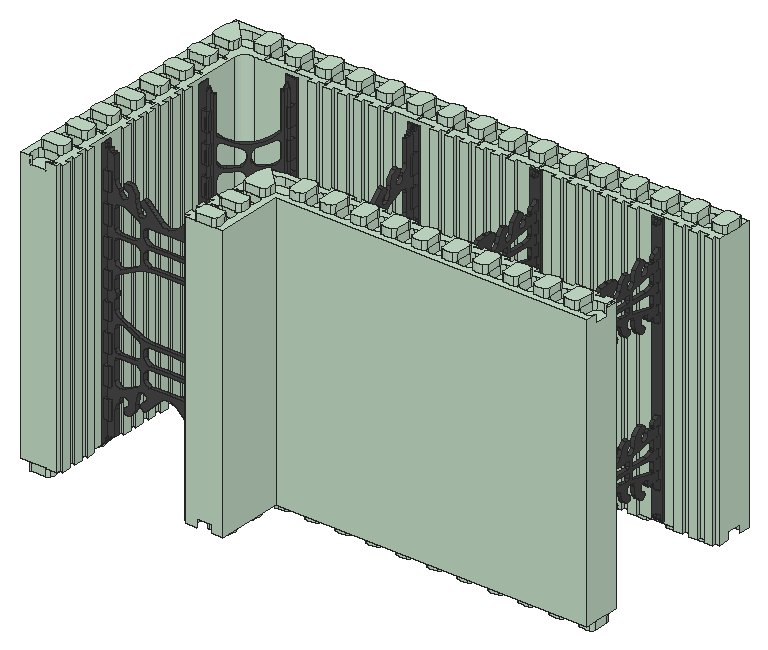
Revit family (continued)
Forms (mm)
  Extrusion 54, void
    sketch origin (330.181, 25.38, 0) x (-1, 0, 0) y (0, -1, 0)
      loop
        arc (-48.685, -95.62) -> (-48.795, -96.199) -> (-49.108, -96.698) r 1.588
        arc (-49.108, -96.698) -> (-50.362, -98.696) -> (-50.8, -101.014) r 6.35
        line (-50.8, -101.014) -> (-50.8, -124.411)
        arc (-50.8, -124.411) -> (-49.585, -128.147) -> (-46.404, -130.453) r 6.35
    from 0 to 12.7
  Extrusion 55, void
    sketch origin (380.981, 25.38, 0) x (-1, 0, 0) y (0, -1, 0)
      loop
        arc (-46.404, -130.453) -> (-38.1, -131.762) -> (-29.796, -130.453) r 26.987
        arc (-29.796, -130.453) -> (-26.615, -128.147) -> (-25.4, -124.411) r 6.35
        line (-25.4, -124.411) -> (-25.4, -101.014)
        arc (-25.4, -101.014) -> (-26.615, -97.278) -> (-29.796, -94.972) r 6.35
        arc (-29.796, -94.972) -> (-36.091, -93.737) -> (-42.5, -94.024) r 26.987
        arc (-42.5, -94.024) -> (-43.786, -93.668) -> (-44.346, -92.457) r 1.588
        line (-44.346, -92.457) -> (-44.346, -86.829) -> (-48.685, -86.829) -> (-48.685, -95.62)
        arc (-48.685, -95.62) -> (-48.795, -96.199) -> (-49.108, -96.698) r 1.588
        arc (-49.108, -96.698) -> (-50.362, -98.696) -> (-50.8, -101.014) r 6.35
        line (-50.8, -101.014) -> (-50.8, -124.411)
        arc (-50.8, -124.411) -> (-49.585, -128.147) -> (-46.404, -130.453) r 6.35
    from 0 to 12.7
  Extrusion 56, void
    sketch origin (431.781, 25.38, 0) x (-1, 0, 0) y (0, -1, 0)
      loop
        arc (-46.404, -130.453) -> (-38.1, -131.762) -> (-29.796, -130.453) r 26.987
        arc (-29.796, -130.453) -> (-26.615, -128.147) -> (-25.4, -124.411) r 6.35
        line (-25.4, -124.411) -> (-25.4, -101.014)
        arc (-25.4, -101.014) -> (-26.615, -97.278) -> (-29.796, -94.972) r 6.35
        arc (-29.796, -94.972) -> (-36.091, -93.737) -> (-42.5, -94.024) r 26.987
        arc (-42.5, -94.024) -> (-43.786, -93.668) -> (-44.346, -92.457) r 1.588
        line (-44.346, -92.457) -> (-44.346, -86.829) -> (-48.685, -86.829) -> (-48.685, -95.62)
        arc (-48.685, -95.62) -> (-48.795, -96.199) -> (-49.108, -96.698) r 1.588
        arc (-49.108, -96.698) -> (-50.362, -98.696) -> (-50.8, -101.014) r 6.35
        line (-50.8, -101.014) -> (-50.8, -124.411)
        arc (-50.8, -124.411) -> (-49.585, -128.147) -> (-46.404, -130.453) r 6.35
    from 0 to 12.7
  Extrusion 57, void
    sketch origin (482.581, 25.38, 0) x (-1, 0, 0) y (0, -1, 0)
      loop
        arc (-46.404, -130.453) -> (-38.1, -131.762) -> (-29.796, -130.453) r 26.987
        arc (-29.796, -130.453) -> (-26.615, -128.147) -> (-25.4, -124.411) r 6.35
        line (-25.4, -124.411) -> (-25.4, -101.014)
        arc (-25.4, -101.014) -> (-26.615, -97.278) -> (-29.796, -94.972) r 6.35
        arc (-29.796, -94.972) -> (-36.091, -93.737) -> (-42.5, -94.024) r 26.987
        arc (-42.5, -94.024) -> (-43.786, -93.668) -> (-44.346, -92.457) r 1.588
        line (-44.346, -92.457) -> (-44.346, -86.829) -> (-48.685, -86.829) -> (-48.685, -95.62)
        arc (-48.685, -95.62) -> (-48.795, -96.199) -> (-49.108, -96.698) r 1.588
        arc (-49.108, -96.698) -> (-50.362, -98.696) -> (-50.8, -101.014) r 6.35
        line (-50.8, -101.014) -> (-50.8, -124.411)
        arc (-50.8, -124.411) -> (-49.585, -128.147) -> (-46.404, -130.453) r 6.35
    from 0 to 12.7
  Extrusion 58, void
    sketch origin (533.381, 25.38, 0) x (-1, 0, 0) y (0, -1, 0)
      loop
        arc (-46.404, -130.453) -> (-38.1, -131.762) -> (-29.796, -130.453) r 26.987
        arc (-29.796, -130.453) -> (-26.615, -128.147) -> (-25.4, -124.411) r 6.35
        line (-25.4, -124.411) -> (-25.4, -101.014)
        arc (-25.4, -101.014) -> (-26.615, -97.278) -> (-29.796, -94.972) r 6.35
        arc (-29.796, -94.972) -> (-36.091, -93.737) -> (-42.5, -94.024) r 26.987
        arc (-42.5, -94.024) -> (-43.786, -93.668) -> (-44.346, -92.457) r 1.588
        line (-44.346, -92.457) -> (-44.346, -86.829) -> (-48.685, -86.829) -> (-48.685, -95.62)
        arc (-48.685, -95.62) -> (-48.795, -96.199) -> (-49.108, -96.698) r 1.588
        arc (-49.108, -96.698) -> (-50.362, -98.696) -> (-50.8, -101.014) r 6.35
        line (-50.8, -101.014) -> (-50.8, -124.411)
        arc (-50.8, -124.411) -> (-49.585, -128.147) -> (-46.404, -130.453) r 6.35
    from 0 to 12.7
  Extrusion 59, void
    sketch origin (584.181, 25.38, 0) x (-1, 0, 0) y (0, -1, 0)
      loop
        arc (-46.404, -130.453) -> (-38.1, -131.762) -> (-29.796, -130.453) r 26.987
        arc (-29.796, -130.453) -> (-26.615, -128.147) -> (-25.4, -124.411) r 6.35
        line (-25.4, -124.411) -> (-25.4, -101.014)
        arc (-25.4, -101.014) -> (-26.615, -97.278) -> (-29.796, -94.972) r 6.35
        arc (-29.796, -94.972) -> (-36.091, -93.737) -> (-42.5, -94.024) r 26.987
        arc (-42.5, -94.024) -> (-43.786, -93.668) -> (-44.346, -92.457) r 1.588
        line (-44.346, -92.457) -> (-44.346, -86.829) -> (-48.685, -86.829) -> (-48.685, -95.62)
        arc (-48.685, -95.62) -> (-48.795, -96.199) -> (-49.108, -96.698) r 1.588
        arc (-49.108, -96.698) -> (-50.362, -98.696) -> (-50.8, -101.014) r 6.35
        line (-50.8, -101.014) -> (-50.8, -124.411)
        arc (-50.8, -124.411) -> (-49.585, -128.147) -> (-46.404, -130.453) r 6.35
    from 0 to 12.7
  Extrusion 60, void
    sketch origin (25.381, -482.62, 0) x (1, 0, 0) y (0, 1, 0)
      loop
        arc (101.014, 228.6) -> (97.278, 227.385) -> (94.972, 224.204) r 6.35
        arc (94.972, 224.204) -> (93.737, 217.909) -> (94.024, 211.5) r 26.987
        arc (94.024, 211.5) -> (93.668, 210.214) -> (92.457, 209.654) r 1.587
        line (92.457, 209.654) -> (86.829, 209.654) -> (86.829, 205.315) -> (95.62, 205.315)
        arc (95.62, 205.315) -> (96.199, 205.205) -> (96.698, 204.892) r 1.587
        arc (96.698, 204.892) -> (98.696, 203.638) -> (101.014, 203.2) r 6.35
        line (101.014, 203.2) -> (124.411, 203.2)
        arc (124.411, 203.2) -> (128.147, 204.415) -> (130.453, 207.596) r 6.35
        arc (130.453, 207.596) -> (131.763, 215.9) -> (130.453, 224.204) r 26.988
        arc (130.453, 224.204) -> (128.147, 227.385) -> (124.411, 228.6) r 6.35
        line (124.411, 228.6) -> (101.014, 228.6)
    from 0 to 12.7
  Extrusion 61, void
    sketch origin (25.381, -431.82, 0) x (1, 0, 0) y (0, 1, 0)
      loop
        arc (101.014, 228.6) -> (97.278, 227.385) -> (94.972, 224.204) r 6.35
        arc (94.972, 224.204) -> (93.737, 217.909) -> (94.024, 211.5) r 26.987
        arc (94.024, 211.5) -> (93.668, 210.214) -> (92.457, 209.654) r 1.587
        line (92.457, 209.654) -> (86.829, 209.654) -> (86.829, 205.315) -> (95.62, 205.315)
        arc (95.62, 205.315) -> (96.199, 205.205) -> (96.698, 204.892) r 1.587
        arc (96.698, 204.892) -> (98.696, 203.638) -> (101.014, 203.2) r 6.35
        line (101.014, 203.2) -> (124.411, 203.2)
        arc (124.411, 203.2) -> (128.147, 204.415) -> (130.453, 207.596) r 6.35
        arc (130.453, 207.596) -> (131.763, 215.9) -> (130.453, 224.204) r 26.988
        arc (130.453, 224.204) -> (128.147, 227.385) -> (124.411, 228.6) r 6.35
        line (124.411, 228.6) -> (101.014, 228.6)
    from 0 to 12.7
  Extrusion 62, void
    sketch origin (25.381, -25.42, 0) x (0, -1, 0) y (1, 0, 0)
      loop
        line (119.063, 93.663) -> (139.7, 93.663)
        arc (139.7, 93.663) -> (141.907, 93.753) -> (144.1, 94.024) r 26.987
        arc (144.1, 94.024) -> (145.386, 93.668) -> (145.946, 92.457) r 1.587
        line (145.946, 92.457) -> (145.946, 86.829) -> (150.285, 86.829) -> (150.285, 95.62)
        arc (150.285, 95.62) -> (150.395, 96.199) -> (150.708, 96.698) r 1.588
        arc (150.708, 96.698) -> (151.962, 98.696) -> (152.4, 101.014) r 6.35
        line (152.4, 101.014) -> (152.4, 124.411)
        arc (152.4, 124.411) -> (151.185, 128.147) -> (148.004, 130.453) r 6.35
        arc (148.004, 130.453) -> (143.903, 131.433) -> (139.7, 131.763) r 26.987
        line (139.7, 131.763) -> (131.763, 131.763) -> (101.102, 101.102)
        arc (101.102, 101.102) -> (109.342, 95.596) -> (119.063, 93.663) r 25.4
    from 0 to 12.7
  Extrusion 63, void
    sketch origin (380.981, -25.42, 0) x (-1, 0, 0) y (0, -1, 0)
      loop
        arc (177.8, 101.014) -> (179.015, 97.278) -> (182.196, 94.972) r 6.35
        arc (182.196, 94.972) -> (188.491, 93.737) -> (194.9, 94.024) r 26.988
        arc (194.9, 94.024) -> (196.186, 93.668) -> (196.746, 92.457) r 1.587
        line (196.746, 92.457) -> (196.746, 86.829) -> (201.085, 86.829) -> (201.085, 95.62)
        arc (201.085, 95.62) -> (201.195, 96.199) -> (201.508, 96.698) r 1.588
        arc (201.508, 96.698) -> (202.762, 98.696) -> (203.2, 101.014) r 6.35
        line (203.2, 101.014) -> (203.2, 124.411)
        arc (203.2, 124.411) -> (201.985, 128.147) -> (198.804, 130.453) r 6.35
        arc (198.804, 130.453) -> (190.5, 131.763) -> (182.196, 130.453) r 26.987
        arc (182.196, 130.453) -> (179.015, 128.147) -> (177.8, 124.411) r 6.35
        line (177.8, 124.411) -> (177.8, 101.014)
    from 0 to 12.7
  Extrusion 64, void
    sketch origin (431.781, -25.42, 0) x (-1, 0, 0) y (0, -1, 0)
      loop
        arc (177.8, 101.014) -> (179.015, 97.278) -> (182.196, 94.972) r 6.35
        arc (182.196, 94.972) -> (188.491, 93.737) -> (194.9, 94.024) r 26.988
        arc (194.9, 94.024) -> (196.186, 93.668) -> (196.746, 92.457) r 1.587
        line (196.746, 92.457) -> (196.746, 86.829) -> (201.085, 86.829) -> (201.085, 95.62)
        arc (201.085, 95.62) -> (201.195, 96.199) -> (201.508, 96.698) r 1.588
        arc (201.508, 96.698) -> (202.762, 98.696) -> (203.2, 101.014) r 6.35
        line (203.2, 101.014) -> (203.2, 124.411)
        arc (203.2, 124.411) -> (201.985, 128.147) -> (198.804, 130.453) r 6.35
        arc (198.804, 130.453) -> (190.5, 131.763) -> (182.196, 130.453) r 26.987
        arc (182.196, 130.453) -> (179.015, 128.147) -> (177.8, 124.411) r 6.35
        line (177.8, 124.411) -> (177.8, 101.014)
    from 0 to 12.7
  Extrusion 65, void
    sketch origin (482.581, -25.42, 0) x (-1, 0, 0) y (0, -1, 0)
      loop
        arc (177.8, 101.014) -> (179.015, 97.278) -> (182.196, 94.972) r 6.35
        arc (182.196, 94.972) -> (188.491, 93.737) -> (194.9, 94.024) r 26.988
        arc (194.9, 94.024) -> (196.186, 93.668) -> (196.746, 92.457) r 1.587
        line (196.746, 92.457) -> (196.746, 86.829) -> (201.085, 86.829) -> (201.085, 95.62)
        arc (201.085, 95.62) -> (201.195, 96.199) -> (201.508, 96.698) r 1.588
        arc (201.508, 96.698) -> (202.762, 98.696) -> (203.2, 101.014) r 6.35
        line (203.2, 101.014) -> (203.2, 124.411)
        arc (203.2, 124.411) -> (201.985, 128.147) -> (198.804, 130.453) r 6.35
        arc (198.804, 130.453) -> (190.5, 131.763) -> (182.196, 130.453) r 26.987
        arc (182.196, 130.453) -> (179.015, 128.147) -> (177.8, 124.411) r 6.35
        line (177.8, 124.411) -> (177.8, 101.014)
    from 0 to 12.7
  Extrusion 66, void
    sketch origin (533.381, -25.42, 0) x (-1, 0, 0) y (0, -1, 0)
      loop
        arc (177.8, 101.014) -> (179.015, 97.278) -> (182.196, 94.972) r 6.35
        arc (182.196, 94.972) -> (188.491, 93.737) -> (194.9, 94.024) r 26.988
        arc (194.9, 94.024) -> (196.186, 93.668) -> (196.746, 92.457) r 1.587
        line (196.746, 92.457) -> (196.746, 86.829) -> (201.085, 86.829) -> (201.085, 95.62)
        arc (201.085, 95.62) -> (201.195, 96.199) -> (201.508, 96.698) r 1.588
        arc (201.508, 96.698) -> (202.762, 98.696) -> (203.2, 101.014) r 6.35
        line (203.2, 101.014) -> (203.2, 124.411)
        arc (203.2, 124.411) -> (201.985, 128.147) -> (198.804, 130.453) r 6.35
        arc (198.804, 130.453) -> (190.5, 131.763) -> (182.196, 130.453) r 26.987
        arc (182.196, 130.453) -> (179.015, 128.147) -> (177.8, 124.411) r 6.35
        line (177.8, 124.411) -> (177.8, 101.014)
    from 0 to 12.7
  Extrusion 67, void
    sketch origin (584.181, -25.42, 0) x (-1, 0, 0) y (0, -1, 0)
      loop
        arc (177.8, 101.014) -> (179.015, 97.278) -> (182.196, 94.972) r 6.35
        arc (182.196, 94.972) -> (188.491, 93.737) -> (194.9, 94.024) r 26.988
        arc (194.9, 94.024) -> (196.186, 93.668) -> (196.746, 92.457) r 1.587
        line (196.746, 92.457) -> (196.746, 86.829) -> (201.085, 86.829) -> (201.085, 95.62)
        arc (201.085, 95.62) -> (201.195, 96.199) -> (201.508, 96.698) r 1.588
        arc (201.508, 96.698) -> (202.762, 98.696) -> (203.2, 101.014) r 6.35
        line (203.2, 101.014) -> (203.2, 124.411)
        arc (203.2, 124.411) -> (201.985, 128.147) -> (198.804, 130.453) r 6.35
        arc (198.804, 130.453) -> (190.5, 131.763) -> (182.196, 130.453) r 26.987
        arc (182.196, 130.453) -> (179.015, 128.147) -> (177.8, 124.411) r 6.35
        line (177.8, 124.411) -> (177.8, 101.014)
    from 0 to 12.7
  Extrusion 68, void
    sketch origin (634.981, -25.42, 0) x (-1, 0, 0) y (0, -1, 0)
      loop
        arc (177.8, 101.014) -> (179.015, 97.278) -> (182.196, 94.972) r 6.35
        arc (182.196, 94.972) -> (188.491, 93.737) -> (194.9, 94.024) r 26.988
        arc (194.9, 94.024) -> (196.186, 93.668) -> (196.746, 92.457) r 1.587
        line (196.746, 92.457) -> (196.746, 86.829) -> (201.085, 86.829) -> (201.085, 95.62)
        arc (201.085, 95.62) -> (201.195, 96.199) -> (201.508, 96.698) r 1.588
        arc (201.508, 96.698) -> (202.762, 98.696) -> (203.2, 101.014) r 6.35
        line (203.2, 101.014) -> (203.2, 124.411)
        arc (203.2, 124.411) -> (201.985, 128.147) -> (198.804, 130.453) r 6.35
        arc (198.804, 130.453) -> (190.5, 131.763) -> (182.196, 130.453) r 26.987
        arc (182.196, 130.453) -> (179.015, 128.147) -> (177.8, 124.411) r 6.35
        line (177.8, 124.411) -> (177.8, 101.014)
    from 0 to 12.7
  Extrusion 69, void
    sketch origin (685.781, -25.42, 0) x (-1, 0, 0) y (0, -1, 0)
      loop
        arc (177.8, 101.014) -> (179.015, 97.278) -> (182.196, 94.972) r 6.35
        arc (182.196, 94.972) -> (188.491, 93.737) -> (194.9, 94.024) r 26.988
        arc (194.9, 94.024) -> (196.186, 93.668) -> (196.746, 92.457) r 1.587
        line (196.746, 92.457) -> (196.746, 86.829) -> (201.085, 86.829) -> (201.085, 95.62)
        arc (201.085, 95.62) -> (201.195, 96.199) -> (201.508, 96.698) r 1.588
        arc (201.508, 96.698) -> (202.762, 98.696) -> (203.2, 101.014) r 6.35
        line (203.2, 101.014) -> (203.2, 124.411)
        arc (203.2, 124.411) -> (201.985, 128.147) -> (198.804, 130.453) r 6.35
        arc (198.804, 130.453) -> (190.5, 131.763) -> (182.196, 130.453) r 26.987
        arc (182.196, 130.453) -> (179.015, 128.147) -> (177.8, 124.411) r 6.35
        line (177.8, 124.411) -> (177.8, 101.014)
    from 0 to 12.7
  Extrusion 70, void
    sketch origin (736.581, -25.42, 0) x (-1, 0, 0) y (0, -1, 0)
      loop
        arc (177.8, 101.014) -> (179.015, 97.278) -> (182.196, 94.972) r 6.35
        arc (182.196, 94.972) -> (188.491, 93.737) -> (194.9, 94.024) r 26.988
        arc (194.9, 94.024) -> (196.186, 93.668) -> (196.746, 92.457) r 1.587
        line (196.746, 92.457) -> (196.746, 86.829) -> (201.085, 86.829) -> (201.085, 95.62)
        arc (201.085, 95.62) -> (201.195, 96.199) -> (201.508, 96.698) r 1.588
        arc (201.508, 96.698) -> (202.762, 98.696) -> (203.2, 101.014) r 6.35
        line (203.2, 101.014) -> (203.2, 124.411)
        arc (203.2, 124.411) -> (201.985, 128.147) -> (198.804, 130.453) r 6.35
        arc (198.804, 130.453) -> (190.5, 131.763) -> (182.196, 130.453) r 26.987
        arc (182.196, 130.453) -> (179.015, 128.147) -> (177.8, 124.411) r 6.35
        line (177.8, 124.411) -> (177.8, 101.014)
    from 0 to 12.7
  Extrusion 71, void
    sketch origin (787.381, -25.42, 0) x (-1, 0, 0) y (0, -1, 0)
      loop
        arc (177.8, 101.014) -> (179.015, 97.278) -> (182.196, 94.972) r 6.35
        arc (182.196, 94.972) -> (188.491, 93.737) -> (194.9, 94.024) r 26.988
        arc (194.9, 94.024) -> (196.186, 93.668) -> (196.746, 92.457) r 1.587
        line (196.746, 92.457) -> (196.746, 86.829) -> (201.085, 86.829) -> (201.085, 95.62)
        arc (201.085, 95.62) -> (201.195, 96.199) -> (201.508, 96.698) r 1.588
        arc (201.508, 96.698) -> (202.762, 98.696) -> (203.2, 101.014) r 6.35
        line (203.2, 101.014) -> (203.2, 124.411)
        arc (203.2, 124.411) -> (201.985, 128.147) -> (198.804, 130.453) r 6.35
        arc (198.804, 130.453) -> (190.5, 131.763) -> (182.196, 130.453) r 26.987
        arc (182.196, 130.453) -> (179.015, 128.147) -> (177.8, 124.411) r 6.35
        line (177.8, 124.411) -> (177.8, 101.014)
    from 0 to 12.7
  Extrusion 72, void
    sketch origin (838.181, -25.42, 0) x (-1, 0, 0) y (0, -1, 0)
      loop
        arc (177.8, 101.014) -> (179.015, 97.278) -> (182.196, 94.972) r 6.35
        arc (182.196, 94.972) -> (188.491, 93.737) -> (194.9, 94.024) r 26.988
        arc (194.9, 94.024) -> (196.186, 93.668) -> (196.746, 92.457) r 1.587
        line (196.746, 92.457) -> (196.746, 86.829) -> (201.085, 86.829) -> (201.085, 95.62)
        arc (201.085, 95.62) -> (201.195, 96.199) -> (201.508, 96.698) r 1.588
        arc (201.508, 96.698) -> (202.762, 98.696) -> (203.2, 101.014) r 6.35
        line (203.2, 101.014) -> (203.2, 124.411)
        arc (203.2, 124.411) -> (201.985, 128.147) -> (198.804, 130.453) r 6.35
        arc (198.804, 130.453) -> (190.5, 131.763) -> (182.196, 130.453) r 26.987
        arc (182.196, 130.453) -> (179.015, 128.147) -> (177.8, 124.411) r 6.35
        line (177.8, 124.411) -> (177.8, 101.014)
    from 0 to 12.7
  Extrusion 73, void
    sketch origin (-25.419, 25.38, 0) x (1, 0, 0) y (0, 1, 0)
      loop
        line (-93.662, 93.662) -> (-124.323, 124.323)
        arc (-124.323, 124.323) -> (-129.829, 116.083) -> (-131.762, 106.362) r 25.4
        line (-131.762, 106.362) -> (-131.762, 88.9)
        arc (-131.762, 88.9) -> (-131.433, 84.697) -> (-130.453, 80.596) r 26.988
        arc (-130.453, 80.596) -> (-128.147, 77.415) -> (-124.411, 76.2) r 6.35
        line (-124.411, 76.2) -> (-101.014, 76.2)
        arc (-101.014, 76.2) -> (-97.278, 77.415) -> (-94.972, 80.596) r 6.35
        arc (-94.972, 80.596) -> (-93.992, 84.697) -> (-93.662, 88.9) r 26.987
        line (-93.662, 88.9) -> (-93.662, 93.662)
    from 0 to 12.7
  Extrusion 74, solid, material "NUDURA Expanded Polystyrene Foam Insulation"
    sketch origin (25.381, -25.42, 0) x (1, 0, 0) y (0, 1, 0)
      loop
        line (131.763, -131.763) -> (139.7, -131.763)
        arc (139.7, -131.763) -> (143.903, -131.433) -> (148.004, -130.453) r 26.987
        arc (148.004, -130.453) -> (151.185, -128.147) -> (152.4, -124.411) r 6.35
        line (152.4, -124.411) -> (152.4, -101.014)
        arc (152.4, -101.014) -> (151.962, -98.696) -> (150.708, -96.698) r 6.35
        arc (150.708, -96.698) -> (149.467, -95.661) -> (148.004, -94.972) r 6.35
        arc (148.004, -94.972) -> (146.07, -94.425) -> (144.1, -94.024) r 26.987
        arc (144.1, -94.024) -> (141.907, -93.753) -> (139.7, -93.663) r 26.987
        line (139.7, -93.663) -> (119.063, -93.663)
        arc (119.063, -93.663) -> (109.342, -95.596) -> (101.102, -101.102) r 25.4
        line (101.102, -101.102) -> (131.763, -131.763)
    from 0 to -12.7
  Extrusion 75, solid, material "NUDURA Expanded Polystyrene Foam Insulation"
    sketch origin (-25.419, 25.38, 0) x (1, 0, 0) y (0, 1, 0)
      loop
        arc (-106.362, 131.762) -> (-116.083, 129.829) -> (-124.323, 124.323) r 25.4
        line (-124.323, 124.323) -> (-93.662, 93.662) -> (-88.9, 93.662)
        arc (-88.9, 93.662) -> (-84.697, 93.992) -> (-80.596, 94.972) r 26.988
        arc (-80.596, 94.972) -> (-77.415, 97.278) -> (-76.2, 101.014) r 6.35
        line (-76.2, 101.014) -> (-76.2, 124.411)
        arc (-76.2, 124.411) -> (-77.415, 128.147) -> (-80.596, 130.453) r 6.35
        arc (-80.596, 130.453) -> (-84.697, 131.433) -> (-88.9, 131.762) r 26.988
        line (-88.9, 131.762) -> (-106.362, 131.762)
    from 0 to -12.7
  Extrusion 76, void
    sketch origin (-25.419, -25.42, 0) x (1, 0, 0) y (0, 1, 0)
      loop
        arc (-130.453, -249.604) -> (-128.147, -252.785) -> (-124.411, -254) r 6.35
        line (-124.411, -254) -> (-101.014, -254)
        arc (-101.014, -254) -> (-98.696, -253.562) -> (-96.698, -252.308) r 6.35
        arc (-96.698, -252.308) -> (-96.199, -251.995) -> (-95.62, -251.885) r 1.588
        line (-95.62, -251.885) -> (-86.829, -251.885) -> (-86.829, -247.546) -> (-92.457, -247.546)
        arc (-92.457, -247.546) -> (-93.668, -246.986) -> (-94.024, -245.7) r 1.588
        arc (-94.024, -245.7) -> (-93.737, -239.291) -> (-94.972, -232.996) r 26.987
        arc (-94.972, -232.996) -> (-97.278, -229.815) -> (-101.014, -228.6) r 6.35
        line (-101.014, -228.6) -> (-124.411, -228.6)
        arc (-124.411, -228.6) -> (-128.147, -229.815) -> (-130.453, -232.996) r 6.35
        arc (-130.453, -232.996) -> (-131.762, -241.3) -> (-130.453, -249.604) r 26.987
    from 457.2 to 444.5
  Extrusion 77, void
    sketch origin (685.781, 25.38, 0) x (1, 0, 0) y (0, 1, 0)
      loop
        arc (-46.404, 130.453) -> (-49.585, 128.147) -> (-50.8, 124.411) r 6.35
        line (-50.8, 124.411) -> (-50.8, 101.014)
        arc (-50.8, 101.014) -> (-50.362, 98.696) -> (-49.108, 96.698) r 6.35
        arc (-49.108, 96.698) -> (-48.795, 96.199) -> (-48.685, 95.62) r 1.588
        line (-48.685, 95.62) -> (-48.685, 86.829) -> (-44.346, 86.829) -> (-44.346, 92.457)
        arc (-44.346, 92.457) -> (-43.786, 93.668) -> (-42.5, 94.024) r 1.588
        arc (-42.5, 94.024) -> (-36.091, 93.737) -> (-29.796, 94.972) r 26.987
        arc (-29.796, 94.972) -> (-26.615, 97.278) -> (-25.4, 101.014) r 6.35
        line (-25.4, 101.014) -> (-25.4, 124.411)
        arc (-25.4, 124.411) -> (-26.615, 128.147) -> (-29.796, 130.453) r 6.35
        arc (-29.796, 130.453) -> (-38.1, 131.762) -> (-46.404, 130.453) r 26.987
    from 457.2 to 444.5
  Extrusion 78, void
    sketch origin (634.981, 25.38, 0) x (-1, 0, 0) y (0, -1, 0)
      loop
        arc (-46.404, -130.453) -> (-38.1, -131.762) -> (-29.796, -130.453) r 26.987
        arc (-29.796, -130.453) -> (-26.615, -128.147) -> (-25.4, -124.411) r 6.35
        line (-25.4, -124.411) -> (-25.4, -101.014)
        arc (-25.4, -101.014) -> (-26.615, -97.278) -> (-29.796, -94.972) r 6.35
        arc (-29.796, -94.972) -> (-36.091, -93.737) -> (-42.5, -94.024) r 26.987
        arc (-42.5, -94.024) -> (-43.786, -93.668) -> (-44.346, -92.457) r 1.588
        line (-44.346, -92.457) -> (-44.346, -86.829) -> (-48.685, -86.829) -> (-48.685, -95.62)
        arc (-48.685, -95.62) -> (-48.795, -96.199) -> (-49.108, -96.698) r 1.588
        arc (-49.108, -96.698) -> (-50.362, -98.696) -> (-50.8, -101.014) r 6.35
        line (-50.8, -101.014) -> (-50.8, -124.411)
        arc (-50.8, -124.411) -> (-49.585, -128.147) -> (-46.404, -130.453) r 6.35
    from 0 to 12.7
  Extrusion 79, void
    sketch origin (-25.419, 61.141, 0) x (1, 0, 0) y (0, 1, 0)
      loop
        arc (-130.453, -294.157) -> (-131.762, -302.461) -> (-130.453, -310.765) r 26.987
        arc (-130.453, -310.765) -> (-128.147, -313.946) -> (-124.411, -315.161) r 6.35
        line (-124.411, -315.161) -> (-101.014, -315.161)
        arc (-101.014, -315.161) -> (-97.278, -313.946) -> (-94.972, -310.765) r 6.35
        arc (-94.972, -310.765) -> (-93.737, -304.47) -> (-94.024, -298.061) r 26.987
        arc (-94.024, -298.061) -> (-93.668, -296.775) -> (-92.457, -296.215) r 1.588
        line (-92.457, -296.215) -> (-86.829, -296.215) -> (-86.829, -291.875) -> (-95.62, -291.875)
        arc (-95.62, -291.875) -> (-96.199, -291.766) -> (-96.698, -291.453) r 1.588
        arc (-96.698, -291.453) -> (-98.696, -290.199) -> (-101.014, -289.761) r 6.35
        line (-101.014, -289.761) -> (-124.411, -289.761)
        arc (-124.411, -289.761) -> (-128.147, -290.976) -> (-130.453, -294.157) r 6.35
    from 0 to 12.7
Cuts and joins
  Extrusion 4, Extrusion 5, Extrusion 6, Extrusion 7, Extrusion 8, Extrusion 9, Extrusion 10, Extrusion 11, Extrusion 12, Extrusion 13, Extrusion 14, Extrusion 15, Extrusion 16, Extrusion 17, Extrusion 18, Extrusion 19, Extrusion 20, Extrusion 21, Extrusion 22, Extrusion 23, Extrusion 24, Extrusion 25, Extrusion 26, Extrusion 27, Extrusion 28, Extrusion 29, Extrusion 30, Extrusion 31, Extrusion 32, Extrusion 33, Extrusion 34, Extrusion 35, Extrusion 36, Extrusion 37, Extrusion 38, Extrusion 39, Extrusion 40, Extrusion 41, Extrusion 42, Extrusion 43, Extrusion 44, Extrusion 45, Extrusion 46, Extrusion 47, Extrusion 48, Extrusion 49, Extrusion 50, Extrusion 51, Extrusion 52, Extrusion 53, Extrusion 54, Extrusion 55, Extrusion 56, Extrusion 57, Extrusion 58, Extrusion 59, Extrusion 60, Extrusion 61, Extrusion 62, Extrusion 63, Extrusion 64, Extrusion 65, Extrusion 66, Extrusion 67, Extrusion 68, Extrusion 69, Extrusion 70, Extrusion 71, Extrusion 72, Extrusion 73, Extrusion 76, Extrusion 77, Extrusion 78, Extrusion 79 cuts Extrusion 1
Lines and regions (mm)
  model lines
    curve 1: line (-117.494, -50.82, 457.2) -> (-117.494, -50.82, 0)
    curve 2: line (455.489, 117.455, 457.2) -> (455.489, 117.455, 0)
    curve 3: line (50.781, 117.455, 0) -> (50.781, 117.455, 457.2)
    curve 4: line (482.646, 168.255, 457.2) -> (482.646, 168.255, 0)
    curve 5: line (76.181, 168.255, 457.2) -> (76.181, 168.255, 0)
    curve 6: line (-168.294, 126.98, 457.2) -> (-168.294, 126.98, 0)
Dimensions and locks
  aligned and locked: level to plane 2
  aligned and locked: nested 81 to nested 75
Nested families
  nested 1: "Interlock Tooth" at (-25.419, -177.82, 0) x (0, -1, 0) z (0, 0, 1), type "Interlock Tooth"
  nested 2: "Interlock Tooth" at (-25.419, -127.02, 0) x (0, -1, 0) z (0, 0, 1), type "Interlock Tooth"
  nested 3: "Interlock Tooth" at (-25.419, -76.22, 0) x (0, -1, 0) z (0, 0, 1), type "Interlock Tooth"
  nested 4: "Interlock Tooth" at (-25.419, -25.42, 0) x (0, -1, 0) z (0, 0, 1), type "Interlock Tooth"
  nested 5: "Interlock Tooth" at (-25.419, 25.38, 0) x (0, -1, 0) z (0, 0, 1), type "Interlock Tooth"
  nested 6: "Interlock Tooth" at (-25.419, 76.18, 0) x (0, -1, 0) z (0, 0, 1), type "Interlock Tooth"
  nested 7: "Interlock Tooth" at (25.381, -254.02, 0) x (0, -1, 0) z (0, 0, 1), type "Interlock Tooth"
  nested 8: "Interlock Tooth" at (25.381, -203.22, 0) x (0, -1, 0) z (0, 0, 1), type "Interlock Tooth"
  nested 9: "Interlock Tooth" at (25.381, -228.62, -469.9) x (0, -1, 0) z (0, 0, 1), type "Interlock Tooth"
  nested 10: "Interlock Tooth" at (25.381, -177.82, -469.9) x (0, -1, 0) z (0, 0, 1), type "Interlock Tooth"
  nested 11: "Interlock Tooth" at (-250.844, -203.22, -469.9) x (0, -1, 0) z (0, 0, 1), type "Interlock Tooth"
  nested 12: "Interlock Tooth" at (-250.844, -152.42, -469.9) x (0, -1, 0) z (0, 0, 1), type "Interlock Tooth"
  nested 13: "Interlock Tooth" at (-250.844, -101.62, -469.9) x (0, -1, 0) z (0, 0, 1), type "Interlock Tooth"
  nested 14: "Interlock Tooth" at (-250.844, -50.82, -469.9) x (0, -1, 0) z (0, 0, 1), type "Interlock Tooth"
  nested 15: "Interlock Tooth" at (-250.844, -0.02, -469.9) x (0, -1, 0) z (0, 0, 1), type "Interlock Tooth"
  nested 16: "Interlock Tooth" at (-250.844, 50.78, -469.9) x (0, -1, 0) z (0, 0, 1), type "Interlock Tooth"
  nested 17: "Interlock Tooth" at (-250.844, 101.58, -469.9) x (0, -1, 0) z (0, 0, 1), type "Interlock Tooth"
  nested 18: "Interlock Tooth" at (177.781, -25.42, 0), type "Interlock Tooth"
  nested 19: "Interlock Tooth" at (228.581, -25.42, 0), type "Interlock Tooth"
  nested 20: "Interlock Tooth" at (279.381, -25.42, 0), type "Interlock Tooth"
  nested 21: "Interlock Tooth" at (330.181, -25.42, 0), type "Interlock Tooth"
  nested 22: "Interlock Tooth" at (380.981, -25.42, 0), type "Interlock Tooth"
  nested 23: "Interlock Tooth" at (431.781, -25.42, 0), type "Interlock Tooth"
  nested 24: "Interlock Tooth" at (482.581, -25.42, 0), type "Interlock Tooth"
  nested 25: "Interlock Tooth" at (533.381, -25.42, 0), type "Interlock Tooth"
  nested 26: "Interlock Tooth" at (584.181, -25.42, 0), type "Interlock Tooth"
  nested 27: "Interlock Tooth" at (634.981, -25.42, 0), type "Interlock Tooth"
  nested 28: "Interlock Tooth" at (-101.619, 25.38, 0), type "Interlock Tooth"
  nested 29: "Interlock Tooth" at (-50.819, 25.38, 0), type "Interlock Tooth"
  nested 30: "Interlock Tooth" at (-0.019, 25.38, 0), type "Interlock Tooth"
  nested 31: "Interlock Tooth" at (50.781, 25.38, 0), type "Interlock Tooth"
  nested 32: "Interlock Tooth" at (101.581, 25.38, 0), type "Interlock Tooth"
  nested 33: "Interlock Tooth" at (152.381, 25.38, 0), type "Interlock Tooth"
  nested 34: "Interlock Tooth" at (203.181, 25.38, 0), type "Interlock Tooth"
  nested 35: "Interlock Tooth" at (253.981, 25.38, 0), type "Interlock Tooth"
  nested 36: "Interlock Tooth" at (304.781, 25.38, 0), type "Interlock Tooth"
  nested 37: "Interlock Tooth" at (355.581, 25.38, 0), type "Interlock Tooth"
  nested 38: "Interlock Tooth" at (406.381, 25.38, 0), type "Interlock Tooth"
  nested 39: "Interlock Tooth" at (457.181, 25.38, 0), type "Interlock Tooth"
  nested 40: "Interlock Tooth" at (507.981, 25.38, 0), type "Interlock Tooth"
  nested 41: "Interlock Tooth" at (558.781, 25.38, 0), type "Interlock Tooth"
  nested 42: "Interlock Tooth" at (609.581, 25.38, 0), type "Interlock Tooth"
  nested 43: "Interlock Tooth" at (203.181, -250.845, -469.9), type "Interlock Tooth"
  nested 44: "Interlock Tooth" at (253.981, -250.845, -469.9), type "Interlock Tooth"
  nested 45: "Interlock Tooth" at (304.781, -250.845, -469.9), type "Interlock Tooth"
  nested 46: "Interlock Tooth" at (355.581, -250.845, -469.9), type "Interlock Tooth"
  nested 47: "Interlock Tooth" at (406.381, -250.845, -469.9), type "Interlock Tooth"
  nested 48: "Interlock Tooth" at (457.181, -250.845, -469.9), type "Interlock Tooth"
  nested 49: "Interlock Tooth" at (507.981, -250.845, -469.9), type "Interlock Tooth"
  nested 50: "Interlock Tooth" at (558.781, -250.845, -469.9), type "Interlock Tooth"
  nested 51: "Interlock Tooth" at (609.581, -250.845, -469.9), type "Interlock Tooth"
  nested 52: "Interlock Tooth" at (660.381, -250.845, -469.9), type "Interlock Tooth"
  nested 53: "Interlock Tooth" at (-76.219, 25.38, -469.9), type "Interlock Tooth"
  nested 54: "Interlock Tooth" at (-25.419, 25.38, -469.9), type "Interlock Tooth"
  nested 55: "Interlock Tooth" at (25.381, 25.38, -469.9), type "Interlock Tooth"
  nested 56: "Interlock Tooth" at (76.181, 25.38, -469.9), type "Interlock Tooth"
  nested 57: "Interlock Tooth" at (126.981, 25.38, -469.9), type "Interlock Tooth"
  nested 58: "Interlock Tooth" at (177.781, 25.38, -469.9), type "Interlock Tooth"
  nested 59: "Interlock Tooth" at (228.581, 25.38, -469.9), type "Interlock Tooth"
  nested 60: "Interlock Tooth" at (279.381, 25.38, -469.9), type "Interlock Tooth"
  nested 61: "Interlock Tooth" at (330.181, 25.38, -469.9), type "Interlock Tooth"
  nested 62: "Interlock Tooth" at (380.981, 25.38, -469.9), type "Interlock Tooth"
  nested 63: "Interlock Tooth" at (431.781, 25.38, -469.9), type "Interlock Tooth"
  nested 64: "Interlock Tooth" at (482.581, 25.38, -469.9), type "Interlock Tooth"
  nested 65: "Interlock Tooth" at (533.381, 25.38, -469.9), type "Interlock Tooth"
  nested 66: "Interlock Tooth" at (584.181, 25.38, -469.9), type "Interlock Tooth"
  nested 67: "NUDURA Diamond Pattern" at (482.581, -25.42, 0), type "NUDURA Diamond Pattern"
  nested 68: "NUDURA Diamond Pattern" at (482.581, 311.13, 0), type "NUDURA Diamond Pattern"
  nested 69: "NUDURA Diamond Pattern" at (76.181, 311.13, 0), type "NUDURA Diamond Pattern"
  nested 70: "Capture Lug" at (-25.419, 25.38, 0) x (-1, 0, 0) z (0, 0, 1), type "Capture Lugs"
  nested 71: "Capture Lug" at (-25.419, 25.38, 0) x (0, -1, 0) z (0, 0, 1), type "Capture Lugs"
  nested 72: "NUDURA Diamond Pattern Missing Two lines" at (25.381, -279.42, 0) x (0, 1, 0) z (0, 0, 1), type "NUDURA Diamond Pattern minus Two lines"
  nested 73: "NUDURA Diamond Pattern Missing Left Line" at (76.181, -25.42, 0), type "NUDURA Diamond Pattern missing left line"
  nested 74: "NUDURA Logo Diamond" at (76.246, -168.295, 0), type "NUDURA Logo Diamond"
  nested 75: "NUDURA Logo Diamond" at (-168.294, 126.915, 0) x (0, -1, 0) z (0, 0, 1), type "NUDURA Logo Diamond"
  nested 76: "NUDURA Logo Diamond" at (685.781, 168.255, 0) x (-1, 0, 0) z (0, 0, 1), type "NUDURA Logo Diamond"
  nested 77: "Interlock Tooth" at (-25.419, -228.62, 0) x (0, -1, 0) z (0, 0, 1), type "Interlock Tooth"
  nested 78: "Interlock Tooth" at (660.381, 25.38, 0), type "Interlock Tooth"
  nested 79: "Interlock Tooth" at (634.981, 25.38, -469.9), type "Interlock Tooth"
  nested 80: "Interlock Tooth" at (-250.844, -254.02, -469.9) x (0, -1, 0) z (0, 0, 1), type "Interlock Tooth"
  nested 81: "NUDURA Diamond Pattern" at (-25.419, 126.98, 0) x (0, -1, 0) z (0, 0, 1), type "NUDURA Diamond Pattern"
  nested 82: "NUDURA Logo Diamond" at (279.316, 168.255, 0) x (-1, 0, 0) z (0, 0, 1), type "NUDURA Logo Diamond"
  nested 83: "8-inch Web" at (584.181, -0.02, 0), type "8-inch Web"
  nested 84: "8-inch Web" at (380.981, -0.02, 0), type "8-inch Web"
  nested 85: "8-inch Insert Web" at (-0.019, -177.82, 0) x (0, 1, 0) z (0, 0, 1), type "8-inch Insert Web"
  nested 86: "8-inch Insert Web" at (177.781, -0.02, 0), type "8-inch Insert Web"
  nested 87: "NUDURA 8-inch Corner Insert Web" at (-57.081, 57.042, 10.728) x (-0.7071, 0.7071, 0) z (0, 0, 1), type "NUDURA 8-inch Corner Insert Web"
Definition of nested family "Interlock Tooth"
  Reference planes
    plane 1 "Center (Front/Back)": y = 0
    plane 2: z = 0
    plane 3 "Center (Left/Right)": x = 0
    plane 4: z = 457.2
    plane 5: z = 469.9
    plane 6: z = -12.7
  Forms (mm)
    Extrusion 1, solid, material "NUDURA Expanded Polystyrene Foam Insulation"
      sketch origin (0, -225.425, 0) x (1, 0, 0) y (0, 1, 0)
        loop
          arc (0, 101.014) -> (1.215, 97.278) -> (4.396, 94.972) r 6.35
          arc (4.396, 94.972) -> (12.7, 93.663) -> (21.004, 94.972) r 26.988
          arc (21.004, 94.972) -> (24.185, 97.278) -> (25.4, 101.014) r 6.35
          line (25.4, 101.014) -> (25.4, 124.411)
          arc (25.4, 124.411) -> (24.185, 128.147) -> (21.004, 130.453) r 6.35
          arc (21.004, 130.453) -> (12.7, 131.763) -> (4.396, 130.453) r 26.987
          arc (4.396, 130.453) -> (1.215, 128.147) -> (0, 124.411) r 6.35
          line (0, 124.411) -> (0, 101.014)
      from 457.2 to 469.9
  Dimensions and locks
    locked: plane 4 to level at 457.2
    locked: plane 4 to plane 5 at 12.7
    locked: plane 6 to level at 12.7
Definition of nested family "Capture Lug"
  Reference planes
    plane 1 "Center (Front/Back)": y = 0
    plane 2: z = 0
    plane 3 "Center (Left/Right)": x = 0
  Forms (mm)
    Extrusion 1, solid, material "High Density Polystyrene"
      sketch origin (0, 0, 0) x (0, 1, 0) y (0, 0, 1)
        loop
          arc (-82.55, 0) -> (-81.817, 0.502) -> (-81.534, 1.344) r 1.397
          line (-81.534, 1.344) -> (-81.534, 449.4)
          arc (-81.534, 449.4) -> (-81.817, 450.243) -> (-82.55, 450.744) r 1.397
          line (-82.55, 450.744) -> (-82.55, 0)
      from 9.227 to -9.227
    Extrusion 2, solid, material "High Density Polystyrene"
      sketch origin (0, 0, 0) x (0, 1, 0) y (0, 0, 1)
        loop
          line (-81.534, 410.919) -> (-81.534, 380.439) -> (-68.834, 380.439) -> (-68.834, 410.919) -> (-81.534, 410.919)
        loop
          line (-81.534, 361.389) -> (-81.534, 330.909) -> (-68.834, 330.909) -> (-68.834, 361.389) -> (-81.534, 361.389)
        loop
          line (-81.534, 311.859) -> (-81.534, 281.379) -> (-68.834, 281.379) -> (-68.834, 311.859) -> (-81.534, 311.859)
        loop
          line (-81.534, 262.329) -> (-81.534, 234.897) -> (-68.834, 234.897) -> (-68.834, 262.329) -> (-81.534, 262.329)
        loop
          line (-81.534, 215.847) -> (-81.534, 188.415) -> (-68.834, 188.415) -> (-68.834, 215.847) -> (-81.534, 215.847)
        loop
          line (-81.534, 169.365) -> (-81.534, 138.885) -> (-68.834, 138.885) -> (-68.834, 169.365) -> (-81.534, 169.365)
        loop
          line (-81.534, 119.835) -> (-81.534, 89.355) -> (-68.834, 89.355) -> (-68.834, 119.835) -> (-81.534, 119.835)
        loop
          line (-81.534, 70.305) -> (-81.534, 39.825) -> (-68.834, 39.825) -> (-68.834, 70.305) -> (-81.534, 70.305)
      from 6.35 to -6.35
    Extrusion 3, void
      sketch origin (0, 0, 0) x (1, 0, 0) y (0, 1, 0)
        loop
          arc (-6.35, -70.929) -> (-5.736, -69.448) -> (-4.255, -68.834) r 2.095
          line (-4.255, -68.834) -> (-6.35, -68.834) -> (-6.35, -70.929)
      from 0 to 457.2
    Extrusion 4, void
      sketch origin (0, 0, 0) x (-1, 0, 0) y (0, -1, 0)
        loop
          line (-6.35, 70.929) -> (-6.35, 68.834) -> (-4.255, 68.834)
          arc (-4.255, 68.834) -> (-5.736, 69.448) -> (-6.35, 70.929) r 2.095
      from 0 to 457.2
    Extrusion 5, void
      sketch origin (0, 0, 0) x (1, 0, 0) y (0, 1, 0)
        loop
          arc (-1.191, -72.009) -> (0, -78.127) -> (1.191, -72.009) r 3.175
          line (1.191, -72.009) -> (1.191, -68.834) -> (-1.191, -68.834) -> (-1.191, -72.009)
      from 0 to 457.2
  Cuts and joins
    Extrusion 3, Extrusion 4 cuts Extrusion 1
    Extrusion 3, Extrusion 4, Extrusion 5 cuts Extrusion 2
Definition of nested family "8-inch Web"
  Reference planes
    plane 1 "Center (Front/Back)": y = 0
    plane 2: z = 0
    plane 3 "Center (Left/Right)": x = 0
  Forms (mm)
    Extrusion 1, solid, material "Polypropylene"
      sketch origin (0, 0, -12.7) x (0, 1, 0) y (0, 0, 1)
        loop
          arc (106.299, 25.02) -> (106.14, 24.651) -> (105.763, 24.513) r 0.508
          line (105.763, 24.513) -> (101.755, 24.735)
          arc (101.755, 24.735) -> (101.378, 24.597) -> (101.219, 24.228) r 0.508
          line (101.219, 24.228) -> (101.219, 22.419)
          arc (101.219, 22.419) -> (101.324, 22.033) -> (101.611, 21.753) r 0.762
          line (101.611, 21.753) -> (105.907, 19.367)
          arc (105.907, 19.367) -> (106.194, 19.087) -> (106.299, 18.7) r 0.762
          line (106.299, 18.7) -> (106.299, 25.02)
        loop
          line (-106.299, 25.02) -> (-106.299, 18.7)
          arc (-106.299, 18.7) -> (-106.194, 19.087) -> (-105.907, 19.367) r 0.762
          line (-105.907, 19.367) -> (-101.611, 21.753)
          arc (-101.611, 21.753) -> (-101.324, 22.033) -> (-101.219, 22.419) r 0.762
          line (-101.219, 22.419) -> (-101.219, 24.228)
          arc (-101.219, 24.228) -> (-101.378, 24.597) -> (-101.755, 24.735) r 0.508
          line (-101.755, 24.735) -> (-105.763, 24.513)
          arc (-105.763, 24.513) -> (-106.14, 24.651) -> (-106.299, 25.02) r 0.508
        loop
          line (102.129, 391.654) -> (102.129, 404.353) -> (99.32, 404.353) -> (99.32, 406.132) -> (105.494, 406.132)
          arc (105.494, 406.132) -> (105.911, 406.076) -> (106.299, 405.913) r 1.587
          line (106.299, 405.913) -> (106.299, 423.004)
          arc (106.299, 423.004) -> (103.303, 418.355) -> (98.615, 415.42) r 12.7
          arc (98.615, 415.42) -> (95.547, 413.1) -> (94.382, 409.434) r 6.35
          line (94.382, 409.434) -> (94.382, 407.719)
          arc (94.382, 407.719) -> (94.847, 406.596) -> (95.969, 406.132) r 1.588
          line (95.969, 406.132) -> (97.423, 406.132) -> (97.423, 404.353) -> (94.523, 404.353)
          arc (94.523, 404.353) -> (90.146, 404.978) -> (85.945, 406.354) r 25.331
          arc (85.945, 406.354) -> (83.358, 405.798) -> (82.775, 403.217) r 2.458
          arc (82.775, 403.217) -> (71.305, 394.57) -> (71.754, 408.927) r 7.964
          arc (71.754, 408.927) -> (74.867, 416.191) -> (67.603, 419.303) r 5.588
          arc (67.603, 419.303) -> (61.567, 415.424) -> (57.64, 409.418) r 17.187
          arc (57.64, 409.418) -> (55.373, 401.561) -> (54.194, 393.47) r 60.065
          arc (54.194, 393.47) -> (41.863, 387.197) -> (42.74, 401.004) r 7.964
          arc (42.74, 401.004) -> (44.734, 408.303) -> (37.571, 410.739) r 5.521
          arc (37.571, 410.739) -> (32.372, 406.842) -> (28.785, 401.426) r 19.048
          line (28.785, 401.426) -> (25.162, 391.6)
          arc (25.162, 391.6) -> (12.317, 387.329) -> (14.2, 400.733) r 7.964
          arc (14.2, 400.733) -> (18.676, 407.439) -> (13.614, 413.714) r 6.808
          arc (13.614, 413.714) -> (7.646, 414.914) -> (1.57, 415.29) r 44.552
          arc (1.57, 415.29) -> (0.785, 415.288) -> (0, 415.273) r 44.552
          arc (0, 415.273) -> (-0.785, 415.288) -> (-1.57, 415.29) r 44.552
          arc (-1.57, 415.29) -> (-7.646, 414.914) -> (-13.614, 413.714) r 44.552
          arc (-13.614, 413.714) -> (-18.676, 407.439) -> (-14.2, 400.733) r 6.808
          arc (-14.2, 400.733) -> (-12.317, 387.329) -> (-25.162, 391.6) r 7.964
          line (-25.162, 391.6) -> (-28.785, 401.426)
          arc (-28.785, 401.426) -> (-32.372, 406.842) -> (-37.571, 410.739) r 19.048
          arc (-37.571, 410.739) -> (-44.734, 408.303) -> (-42.74, 401.004) r 5.521
          arc (-42.74, 401.004) -> (-41.863, 387.197) -> (-54.194, 393.47) r 7.964
          arc (-54.194, 393.47) -> (-55.373, 401.561) -> (-57.64, 409.418) r 60.065
          arc (-57.64, 409.418) -> (-61.567, 415.424) -> (-67.603, 419.303) r 17.187
          arc (-67.603, 419.303) -> (-74.867, 416.191) -> (-71.754, 408.927) r 5.588
          arc (-71.754, 408.927) -> (-71.305, 394.57) -> (-82.775, 403.217) r 7.964
          arc (-82.775, 403.217) -> (-83.358, 405.798) -> (-85.945, 406.354) r 2.458
          arc (-85.945, 406.354) -> (-90.146, 404.978) -> (-94.523, 404.353) r 25.331
          line (-94.523, 404.353) -> (-97.423, 404.353) -> (-97.423, 406.132) -> (-95.969, 406.132)
          arc (-95.969, 406.132) -> (-94.847, 406.596) -> (-94.382, 407.719) r 1.588
          line (-94.382, 407.719) -> (-94.382, 409.434)
          arc (-94.382, 409.434) -> (-95.547, 413.1) -> (-98.615, 415.42) r 6.35
          arc (-98.615, 415.42) -> (-103.303, 418.355) -> (-106.299, 423.004) r 12.7
          line (-106.299, 423.004) -> (-106.299, 405.913)
          arc (-106.299, 405.913) -> (-105.911, 406.076) -> (-105.494, 406.132) r 1.587
          line (-105.494, 406.132) -> (-99.32, 406.132) -> (-99.32, 404.353) -> (-102.129, 404.353) -> (-102.129, 391.654) -> (-99.32, 391.654) -> (-99.32, 389.876) -> (-104.712, 389.876)
          arc (-104.712, 389.876) -> (-105.834, 390.34) -> (-106.299, 391.463) r 1.587
          line (-106.299, 391.463) -> (-106.299, 371.524)
          arc (-106.299, 371.524) -> (-105.834, 372.647) -> (-104.712, 373.112) r 1.587
          line (-104.712, 373.112) -> (-99.32, 373.112) -> (-99.32, 371.334) -> (-102.129, 371.334) -> (-102.129, 358.634) -> (-99.32, 358.634) -> (-99.32, 356.856) -> (-104.712, 356.856)
          arc (-104.712, 356.856) -> (-105.834, 357.32) -> (-106.299, 358.443) r 1.587
          line (-106.299, 358.443) -> (-106.299, 338.504)
          arc (-106.299, 338.504) -> (-105.834, 339.627) -> (-104.712, 340.092) r 1.587
          line (-104.712, 340.092) -> (-99.32, 340.092) -> (-99.32, 338.314) -> (-102.129, 338.314) -> (-102.129, 325.614) -> (-99.32, 325.614) -> (-99.32, 323.836) -> (-104.712, 323.836)
          arc (-104.712, 323.836) -> (-105.834, 324.3) -> (-106.299, 325.423) r 1.588
          line (-106.299, 325.423) -> (-106.299, 310.193) -> (-104.542, 310.193)
          arc (-104.542, 310.193) -> (-101.901, 312.808) -> (-98.615, 314.547) r 12.7
          arc (-98.615, 314.547) -> (-95.547, 316.867) -> (-94.382, 320.534) r 6.35
          line (-94.382, 320.534) -> (-94.382, 322.248)
          arc (-94.382, 322.248) -> (-94.847, 323.371) -> (-95.969, 323.836) r 1.588
          line (-95.969, 323.836) -> (-97.423, 323.836) -> (-97.423, 325.614) -> (-94.523, 325.614)
          arc (-94.523, 325.614) -> (-90.146, 324.989) -> (-85.945, 323.613) r 25.331
          arc (-85.945, 323.613) -> (-83.358, 324.169) -> (-82.775, 326.751) r 2.458
          arc (-82.775, 326.751) -> (-71.305, 335.397) -> (-71.754, 321.04) r 7.964
          arc (-71.754, 321.04) -> (-74.867, 313.776) -> (-67.603, 310.664) r 5.588
          arc (-67.603, 310.664) -> (-61.567, 314.543) -> (-57.64, 320.549) r 17.187
          arc (-57.64, 320.549) -> (-55.373, 328.406) -> (-54.194, 336.497) r 60.065
          arc (-54.194, 336.497) -> (-41.863, 342.77) -> (-42.74, 328.963) r 7.964
          arc (-42.74, 328.963) -> (-44.734, 321.664) -> (-37.571, 319.228) r 5.521
          arc (-37.571, 319.228) -> (-32.372, 323.125) -> (-28.785, 328.542) r 19.048
          line (-28.785, 328.542) -> (-25.162, 338.367)
          arc (-25.162, 338.367) -> (-12.317, 342.638) -> (-14.2, 329.234) r 7.964
          arc (-14.2, 329.234) -> (-18.676, 322.528) -> (-13.614, 316.253) r 6.808
          arc (-13.614, 316.253) -> (-7.646, 315.053) -> (-1.57, 314.677) r 44.552
          arc (-1.57, 314.677) -> (-0.785, 314.679) -> (0, 314.694) r 44.552
          arc (0, 314.694) -> (0.785, 314.679) -> (1.57, 314.677) r 44.552
          arc (1.57, 314.677) -> (7.646, 315.053) -> (13.614, 316.253) r 44.552
          arc (13.614, 316.253) -> (18.676, 322.528) -> (14.2, 329.234) r 6.808
          arc (14.2, 329.234) -> (12.317, 342.638) -> (25.162, 338.367) r 7.964
          line (25.162, 338.367) -> (28.785, 328.542)
          arc (28.785, 328.542) -> (32.372, 323.125) -> (37.571, 319.228) r 19.048
          arc (37.571, 319.228) -> (44.734, 321.664) -> (42.74, 328.963) r 5.521
          arc (42.74, 328.963) -> (41.863, 342.77) -> (54.194, 336.497) r 7.964
          arc (54.194, 336.497) -> (55.373, 328.406) -> (57.64, 320.549) r 60.065
          arc (57.64, 320.549) -> (61.567, 314.543) -> (67.603, 310.664) r 17.187
          arc (67.603, 310.664) -> (74.867, 313.776) -> (71.754, 321.04) r 5.588
          arc (71.754, 321.04) -> (71.305, 335.397) -> (82.775, 326.751) r 7.964
          arc (82.775, 326.751) -> (83.358, 324.169) -> (85.945, 323.613) r 2.458
          arc (85.945, 323.613) -> (90.146, 324.989) -> (94.523, 325.614) r 25.331
          line (94.523, 325.614) -> (97.423, 325.614) -> (97.423, 323.836) -> (95.969, 323.836)
          arc (95.969, 323.836) -> (94.847, 323.371) -> (94.382, 322.248) r 1.588
          line (94.382, 322.248) -> (94.382, 320.534)
          arc (94.382, 320.534) -> (95.547, 316.867) -> (98.615, 314.547) r 6.35
          arc (98.615, 314.547) -> (101.901, 312.808) -> (104.542, 310.193) r 12.7
          line (104.542, 310.193) -> (106.299, 310.193) -> (106.299, 325.423)
          arc (106.299, 325.423) -> (105.834, 324.3) -> (104.712, 323.836) r 1.588
          line (104.712, 323.836) -> (99.32, 323.836) -> (99.32, 325.614) -> (102.129, 325.614) -> (102.129, 338.314) -> (99.32, 338.314) -> (99.32, 340.092) -> (104.712, 340.092)
          arc (104.712, 340.092) -> (105.834, 339.627) -> (106.299, 338.504) r 1.587
          line (106.299, 338.504) -> (106.299, 358.443)
          arc (106.299, 358.443) -> (105.834, 357.32) -> (104.712, 356.856) r 1.587
          line (104.712, 356.856) -> (99.32, 356.856) -> (99.32, 358.634) -> (102.129, 358.634) -> (102.129, 371.334) -> (99.32, 371.334) -> (99.32, 373.112) -> (104.712, 373.112)
          arc (104.712, 373.112) -> (105.834, 372.647) -> (106.299, 371.524) r 1.587
          line (106.299, 371.524) -> (106.299, 391.463)
          arc (106.299, 391.463) -> (105.834, 390.34) -> (104.712, 389.876) r 1.587
          line (104.712, 389.876) -> (99.32, 389.876) -> (99.32, 391.654) -> (102.129, 391.654)
        loop
          arc (91.877, 370.614) -> (93.148, 371.138) -> (94.509, 371.334) r 5.556
          line (94.509, 371.334) -> (97.423, 371.334) -> (97.423, 373.112) -> (95.969, 373.112)
          arc (95.969, 373.112) -> (94.847, 373.576) -> (94.382, 374.699) r 1.588
          line (94.382, 374.699) -> (94.382, 388.288)
          arc (94.382, 388.288) -> (94.847, 389.411) -> (95.969, 389.876) r 1.588
          line (95.969, 389.876) -> (97.423, 389.876) -> (97.423, 391.654) -> (94.509, 391.654)
          arc (94.509, 391.654) -> (72.674, 386.593) -> (50.693, 382.216) r 717.627
          arc (50.693, 382.216) -> (49.199, 381.344) -> (48.61, 379.717) r 2.54
          line (48.61, 379.717) -> (48.61, 369.944)
          arc (48.61, 369.944) -> (49.353, 368.149) -> (51.148, 367.404) r 2.54
          line (51.148, 367.404) -> (80.47, 367.385)
          arc (80.47, 367.385) -> (86.338, 368.419) -> (91.877, 370.614) r 29.457
        loop
          line (94.509, 338.314) -> (97.423, 338.314) -> (97.423, 340.092) -> (95.969, 340.092)
          arc (95.969, 340.092) -> (94.847, 340.556) -> (94.382, 341.679) r 1.588
          line (94.382, 341.679) -> (94.382, 355.268)
          arc (94.382, 355.268) -> (94.847, 356.391) -> (95.969, 356.856) r 1.588
          line (95.969, 356.856) -> (97.423, 356.856) -> (97.423, 358.634) -> (94.509, 358.634)
          arc (94.509, 358.634) -> (93.148, 358.829) -> (91.877, 359.353) r 5.556
          arc (91.877, 359.353) -> (86.338, 361.548) -> (80.47, 362.582) r 29.457
          line (80.47, 362.582) -> (51.148, 362.582)
          arc (51.148, 362.582) -> (49.353, 361.818) -> (48.61, 360.023) r 2.54
          line (48.61, 360.023) -> (48.61, 350.25)
          arc (48.61, 350.25) -> (49.199, 348.623) -> (50.693, 347.751) r 2.54
          arc (50.693, 347.751) -> (72.674, 343.374) -> (94.509, 338.314) r 717.627
        loop
          line (106.299, 457.58) -> (106.299, 463.9)
          arc (106.299, 463.9) -> (106.194, 463.513) -> (105.907, 463.233) r 0.762
          line (105.907, 463.233) -> (101.611, 460.847)
          arc (101.611, 460.847) -> (101.324, 460.567) -> (101.219, 460.181) r 0.762
          line (101.219, 460.181) -> (101.219, 458.372)
          arc (101.219, 458.372) -> (101.378, 458.003) -> (101.755, 457.865) r 0.508
          line (101.755, 457.865) -> (105.763, 458.087)
          arc (105.763, 458.087) -> (106.14, 457.949) -> (106.299, 457.58) r 0.508
        loop
          arc (-106.299, 457.58) -> (-106.14, 457.949) -> (-105.763, 458.087) r 0.508
          line (-105.763, 458.087) -> (-101.755, 457.865)
          arc (-101.755, 457.865) -> (-101.378, 458.003) -> (-101.219, 458.372) r 0.508
          line (-101.219, 458.372) -> (-101.219, 460.181)
          arc (-101.219, 460.181) -> (-101.324, 460.567) -> (-101.611, 460.847) r 0.762
          line (-101.611, 460.847) -> (-105.907, 463.233)
          arc (-105.907, 463.233) -> (-106.194, 463.513) -> (-106.299, 463.9) r 0.762
          line (-106.299, 463.9) -> (-106.299, 457.58)
        loop
          arc (41.723, 380.637) -> (34.623, 379.635) -> (27.46, 379.308) r 75.792
          line (27.46, 379.308) -> (11.029, 379.308)
          arc (11.029, 379.308) -> (5.078, 373.356) -> (11.029, 367.404) r 5.952
          line (11.029, 367.404) -> (42.196, 367.404)
          arc (42.196, 367.404) -> (43.992, 368.148) -> (44.736, 369.944) r 2.54
          line (44.736, 369.944) -> (44.736, 378.141)
          arc (44.736, 378.141) -> (43.816, 380.098) -> (41.723, 380.637) r 2.54
        loop
          arc (41.723, 349.33) -> (43.816, 349.87) -> (44.736, 351.826) r 2.54
          line (44.736, 351.826) -> (44.736, 360.023)
          arc (44.736, 360.023) -> (43.992, 361.819) -> (42.196, 362.563) r 2.54
          line (42.196, 362.563) -> (11.029, 362.563)
          arc (11.029, 362.563) -> (5.078, 356.611) -> (11.029, 350.659) r 5.952
          line (11.029, 350.659) -> (27.46, 350.659)
          arc (27.46, 350.659) -> (34.623, 350.333) -> (41.723, 349.33) r 75.792
        loop
          arc (-91.877, 370.614) -> (-86.338, 368.419) -> (-80.47, 367.385) r 29.457
          line (-80.47, 367.385) -> (-51.148, 367.404)
          arc (-51.148, 367.404) -> (-49.353, 368.149) -> (-48.61, 369.944) r 2.54
          line (-48.61, 369.944) -> (-48.61, 379.717)
          arc (-48.61, 379.717) -> (-49.199, 381.344) -> (-50.693, 382.216) r 2.54
          arc (-50.693, 382.216) -> (-72.674, 386.593) -> (-94.509, 391.654) r 717.627
          line (-94.509, 391.654) -> (-97.423, 391.654) -> (-97.423, 389.876) -> (-95.969, 389.876)
          arc (-95.969, 389.876) -> (-94.847, 389.411) -> (-94.382, 388.288) r 1.588
          line (-94.382, 388.288) -> (-94.382, 374.699)
          arc (-94.382, 374.699) -> (-94.847, 373.576) -> (-95.969, 373.112) r 1.588
          line (-95.969, 373.112) -> (-97.423, 373.112) -> (-97.423, 371.334) -> (-94.509, 371.334)
          arc (-94.509, 371.334) -> (-93.148, 371.138) -> (-91.877, 370.614) r 5.556
        loop
          arc (-94.509, 338.314) -> (-72.674, 343.374) -> (-50.693, 347.751) r 717.627
          arc (-50.693, 347.751) -> (-49.199, 348.623) -> (-48.61, 350.25) r 2.54
          line (-48.61, 350.25) -> (-48.61, 360.023)
          arc (-48.61, 360.023) -> (-49.353, 361.818) -> (-51.148, 362.582) r 2.54
          line (-51.148, 362.582) -> (-80.47, 362.582)
          arc (-80.47, 362.582) -> (-86.338, 361.548) -> (-91.877, 359.353) r 29.457
          arc (-91.877, 359.353) -> (-93.148, 358.829) -> (-94.509, 358.634) r 5.556
          line (-94.509, 358.634) -> (-97.423, 358.634) -> (-97.423, 356.856) -> (-95.969, 356.856)
          arc (-95.969, 356.856) -> (-94.847, 356.391) -> (-94.382, 355.268) r 1.588
          line (-94.382, 355.268) -> (-94.382, 341.679)
          arc (-94.382, 341.679) -> (-94.847, 340.556) -> (-95.969, 340.092) r 1.588
          line (-95.969, 340.092) -> (-97.423, 340.092) -> (-97.423, 338.314) -> (-94.509, 338.314)
        loop
          arc (-41.723, 380.637) -> (-43.816, 380.098) -> (-44.736, 378.141) r 2.54
          line (-44.736, 378.141) -> (-44.736, 369.944)
          arc (-44.736, 369.944) -> (-43.992, 368.148) -> (-42.196, 367.404) r 2.54
          line (-42.196, 367.404) -> (-11.029, 367.404)
          arc (-11.029, 367.404) -> (-5.078, 373.356) -> (-11.029, 379.308) r 5.952
          line (-11.029, 379.308) -> (-27.46, 379.308)
          arc (-27.46, 379.308) -> (-34.623, 379.635) -> (-41.723, 380.637) r 75.792
        loop
          arc (-41.723, 349.33) -> (-34.623, 350.333) -> (-27.46, 350.659) r 75.792
          line (-27.46, 350.659) -> (-11.029, 350.659)
          arc (-11.029, 350.659) -> (-5.078, 356.611) -> (-11.029, 362.563) r 5.952
          line (-11.029, 362.563) -> (-42.196, 362.563)
          arc (-42.196, 362.563) -> (-43.992, 361.819) -> (-44.736, 360.023) r 2.54
          line (-44.736, 360.023) -> (-44.736, 351.826)
          arc (-44.736, 351.826) -> (-43.816, 349.87) -> (-41.723, 349.33) r 2.54
        loop
          line (102.129, 90.946) -> (99.32, 90.946) -> (99.32, 92.724) -> (104.712, 92.724)
          arc (104.712, 92.724) -> (105.834, 92.26) -> (106.299, 91.137) r 1.587
          line (106.299, 91.137) -> (106.299, 111.076)
          arc (106.299, 111.076) -> (105.834, 109.953) -> (104.712, 109.488) r 1.587
          line (104.712, 109.488) -> (99.32, 109.488) -> (99.32, 111.266) -> (102.129, 111.266) -> (102.129, 123.966) -> (99.32, 123.966) -> (99.32, 125.744) -> (104.712, 125.744)
          arc (104.712, 125.744) -> (105.834, 125.28) -> (106.299, 124.157) r 1.587
          line (106.299, 124.157) -> (106.299, 144.096)
          arc (106.299, 144.096) -> (105.834, 142.973) -> (104.712, 142.508) r 1.587
          line (104.712, 142.508) -> (99.32, 142.508) -> (99.32, 144.286) -> (102.129, 144.286) -> (102.129, 156.986) -> (99.32, 156.986) -> (99.32, 158.764) -> (104.712, 158.764)
          arc (104.712, 158.764) -> (105.834, 158.3) -> (106.299, 157.177) r 1.588
          line (106.299, 157.177) -> (106.299, 172.407) -> (104.542, 172.407)
          arc (104.542, 172.407) -> (101.901, 169.792) -> (98.615, 168.053) r 12.7
          arc (98.615, 168.053) -> (95.547, 165.733) -> (94.382, 162.066) r 6.35
          line (94.382, 162.066) -> (94.382, 160.352)
          arc (94.382, 160.352) -> (94.847, 159.229) -> (95.969, 158.764) r 1.588
          line (95.969, 158.764) -> (97.423, 158.764) -> (97.423, 156.986) -> (94.523, 156.986)
          arc (94.523, 156.986) -> (90.146, 157.611) -> (85.945, 158.987) r 25.331
          arc (85.945, 158.987) -> (83.358, 158.431) -> (82.775, 155.849) r 2.458
          arc (82.775, 155.849) -> (71.305, 147.203) -> (71.754, 161.56) r 7.964
          arc (71.754, 161.56) -> (74.867, 168.824) -> (67.603, 171.936) r 5.588
          arc (67.603, 171.936) -> (61.567, 168.057) -> (57.64, 162.051) r 17.187
          arc (57.64, 162.051) -> (55.373, 154.194) -> (54.194, 146.103) r 60.065
          arc (54.194, 146.103) -> (41.863, 139.83) -> (42.74, 153.637) r 7.964
          arc (42.74, 153.637) -> (44.734, 160.936) -> (37.571, 163.372) r 5.521
          arc (37.571, 163.372) -> (32.372, 159.475) -> (28.785, 154.058) r 19.048
          line (28.785, 154.058) -> (25.162, 144.233)
          arc (25.162, 144.233) -> (12.317, 139.962) -> (14.2, 153.366) r 7.964
          arc (14.2, 153.366) -> (18.676, 160.072) -> (13.614, 166.347) r 6.808
          arc (13.614, 166.347) -> (7.646, 167.547) -> (1.57, 167.923) r 44.552
          arc (1.57, 167.923) -> (0.785, 167.921) -> (0, 167.906) r 44.552
          arc (0, 167.906) -> (-0.785, 167.921) -> (-1.57, 167.923) r 44.552
          arc (-1.57, 167.923) -> (-7.646, 167.547) -> (-13.614, 166.347) r 44.552
          arc (-13.614, 166.347) -> (-18.676, 160.072) -> (-14.2, 153.366) r 6.808
